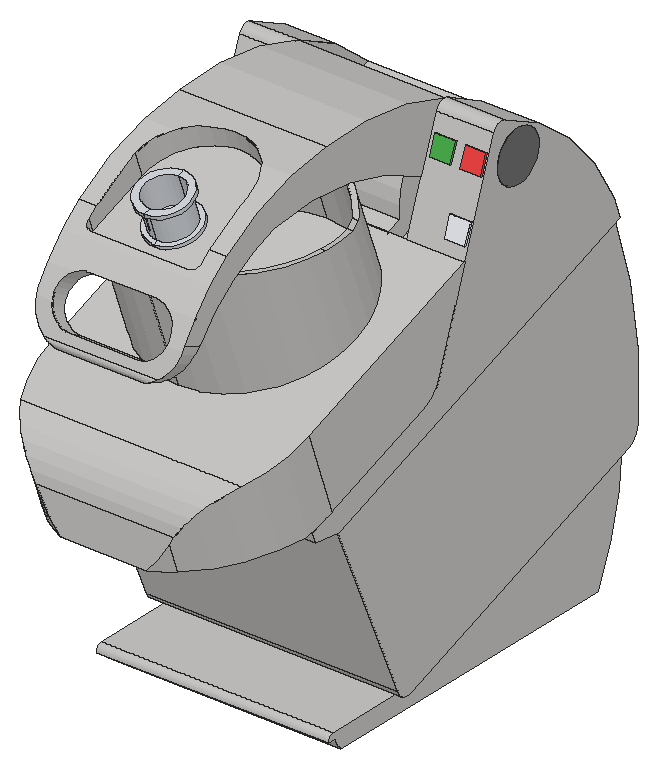
Revit family "QF_ELECTROLUXPROFESSIONAL_600471_TRSY1V6I", category Specialty Equipment, Revit 2018
Family settings
  Round Connector Dimension = Use Diameter
  Part Type = Normal
  Work Plane-Based = No
  Always vertical = Yes
  Cut with Voids When Loaded = No
  Shared = No
  Room Calculation Point = No
Parameters (values of type "Standard")
  Weight = 21.40 kg
  Watts = 0 W
  Volts = 208 V
  URL Manufacturer = "http://professional.electrolux.com"
  URL = "http://professional.electrolux.com"
  Steam Supply Size = 0 mm
  Steam Supply Minimum Pressure = 0.0 Pa
  Steam Supply Maximum Pressure = 0.0 Pa
  Steam Pounds per Hour = 0
  Refrigeration Suction Line Size = 0 mm
  Refrigeration Liquid Line Size = 0 mm
  Refrigerant Compressor Remote = yes
  Manufacturer = "Electrolux Professional"
  Phase = 1
  Model = "TRSY1V6I"
  Length Actual = 252 mm  # constant formula
  Item Number = "600471"
  Hot Water Size = 0 mm
  Height Actual = 515 mm  # constant formula
  HP = "0.7 HP"
  Gas Size = 0 mm
  Gas KW = 0
  Gas Input Pressure = 0 W
  Direct Waste Size = 0 mm
  Description = "VEGETABLE SLICER-1 SPEED-500W-208-230V/1N/60 CB APPROVED, SCHUKO PLUG"
  Depth Actual = 500 mm  # constant formula
  Cycle = 60 Hz
  Condensate Return Size = 0 mm
  Compressed Air Volume = 0.0 L/s
  Compressed Air Size = 0 mm
  Compressed Air Pressure = 0.0 Pa
  Cold Water Size = 0 mm
  Accessory = yes
Reference planes
  plane 1 "Center (Front/Back)": y = 0
  plane 2: z = 0
  plane 3 "Center (Left/Right)": x = 0
  plane 4 "BASE": through (-1506.947, -1354.442, -482.669) normal (0, -0.342, 0.9397)
  plane 5 "TOP": z = 780
  plane 6 "FRONT": y = -250
  plane 7 "BACK": y = 250
  plane 8 "LEFT": x = -126
  plane 9 "RIGHT": x = 126
  plane 10 "BaseSup": through (4267.2, -355.454, 143.983) normal (0, -0.342, 0.9397)
  plane 11 "TopCylinder": z = 502
  plane 12 "panel": through (4267.2, 37.396, 376.789) normal (0, -0.9397, 0.342)
  plane 13 "TAN1": through (4267.2, -242.8, 386.84) normal (0, -0.868, 0.4965)
  plane 14 "cx": x = -4.392
Forms (mm)
  Extrusion 1, solid, material "QF_Finishes_Stainless Steel"
    sketch origin (0, 71.755, 29.173) x (0, 0.939693, 0.34202) y (0, -0.34202, 0.939693)
      loop
        line (194.125, 30) -> (-100, 30) -> (-172.671, 56.45)
        arc (-172.671, 56.45) -> (-177.706, 56.23) -> (-181.11, 52.515) r 6.584
        line (-181.11, 52.515) -> (-172.825, 49.499)
        arc (-172.825, 49.499) -> (-173.282, 42.917) -> (-170.601, 36.887) r 13.662
        line (-170.601, 36.887) -> (125.402, -70.849)
        arc (125.402, -70.849) -> (140.415, -55.659) -> (154.125, -39.282) r 258.806
        arc (154.125, -39.282) -> (176.416, -5.964) -> (194.125, 30) r 303.676
    from -114.1 to 114.1
  Extrusion 2, solid, material "QF_Finishes_Stainless Steel"
    sketch origin (0, 71.755, 29.173) x (0, 0.939693, 0.34202) y (0, -0.34202, 0.939693)
      loop
        arc (-117.754, 231.836) -> (-115.421, 136.806) -> (-106.378, 42.177) r 1344.145
        arc (-106.378, 42.177) -> (-102.811, 33.567) -> (-94.2, 30) r 12.177
        line (-94.2, 30) -> (191.415, 30)
        arc (191.415, 30) -> (200.799, 34.052) -> (207.001, 42.177) r 20.212
        arc (207.001, 42.177) -> (237.263, 134.79) -> (245.906, 231.836) r 430.148
        line (245.906, 231.836) -> (-117.754, 231.836)
    from -123.6 to 123.2
  Extrusion 3, solid, material "QF_Finishes_Stainless Steel"
    sketch origin (0, 71.755, 29.173) x (0, 0.939693, 0.34202) y (0, -0.34202, 0.939693)
      loop
        line (-117.754, 231.836) -> (250, 231.836) -> (250, 254)
        arc (250, 254) -> (225.127, 344.7) -> (167.861, 419.303) r 244.524
        arc (167.861, 419.303) -> (160.498, 421.774) -> (153.587, 418.23) r 10
        line (153.587, 418.23) -> (25.432, 265.5)
        arc (25.432, 265.5) -> (14.376, 257.016) -> (0.77, 254) r 32.194
        line (0.77, 254) -> (-142.678, 254) -> (-142.678, 244) -> (-117.754, 231.836)
    from -125 to 125
  Extrusion 4, void
    sketch origin (0, 71.755, 29.173) x (0, 0.939693, 0.34202) y (0, -0.34202, 0.939693)
      loop
        line (146.605, 338.403) -> (228.145, 338.403)
        arc (228.145, 338.403) -> (202.221, 381.996) -> (167.861, 419.303) r 244.524
        arc (167.861, 419.303) -> (160.498, 421.774) -> (153.587, 418.23) r 10
        line (153.587, 418.23) -> (72.34, 321.403) -> (146.605, 321.403) -> (146.605, 338.403)
    from -76.755 to 68.071
  Extrusion 5, solid, material "QF_Finishes_Stainless Steel"
    sketch origin (0, 71.755, 29.173) x (0, 0.939693, 0.34202) y (0, -0.34202, 0.939693)
      loop
        line (86.605, 338.403) -> (69.605, 321.403) -> (146.605, 321.403) -> (146.605, 338.403) -> (138.179, 338.403) -> (138.179, 369.367)
        arc (138.179, 369.367) -> (147.784, 373.474) -> (158.149, 372.174) r 19.987
        arc (158.149, 372.174) -> (156.791, 382.001) -> (162.888, 389.826) r 12.748
        arc (162.888, 389.826) -> (123.302, 374.774) -> (101.605, 338.403) r 64.447
        line (101.605, 338.403) -> (86.605, 338.403)
    from -65 to 50
  Extrusion 6, solid, material "QF_Finishes_Stainless Steel"
    sketch origin (539, 71.755, 29.173) x (0, -0.939693, -0.34202) y (0, -0.34202, 0.939693)
      loop
        circle (-169.102, 378.696) r 12.748
    from 489 to 604
  Extrusion 7, solid, material "QF_Finishes_Rubber Black"
    sketch origin (0, 71.755, 29.173) x (0, 0.939693, 0.34202) y (0, -0.34202, 0.939693)
      loop
        circle (169.102, 378.696) r 25
    from 125 to 126.6
  Extrusion 8, solid, material "QF_Finishes_Green"
    sketch origin (-10, -113.728, -38.42) x (0, -0.34202, -0.939693) y (1, 0, 0)
      loop
        line (-529.862, 82.865) -> (-509.862, 82.865) -> (-509.862, 102.865) -> (-529.862, 102.865) -> (-529.862, 82.865)
    from 0 to 1.6
  Extrusion 9, solid, material "QF_Finishes_Red"
    sketch origin (20, -113.728, -38.42) x (0, -0.34202, -0.939693) y (1, 0, 0)
      loop
        line (-529.862, 82.865) -> (-509.862, 82.865) -> (-509.862, 102.865) -> (-529.862, 102.865) -> (-529.862, 82.865)
    from 0 to 1.6
  Extrusion 10, solid, material "QF_Finishes_White"
    sketch origin (19.976, -149.421, -75.636) x (0, -0.34202, -0.939693) y (1, 0, 0)
      loop
        line (-521.192, 82.865) -> (-501.192, 82.865) -> (-501.192, 102.865) -> (-521.192, 102.865) -> (-521.192, 82.865)
    from 0 to 1.6
  Extrusion 11, solid, material "QF_Finishes_Rubber Black"
    sketch origin (-20, -306.935, 99.376) x (0, -1, 0) y (1, 0, 0)
      loop
        circle (-230.144, 103.748) r 10
      loop
        circle (-230.144, -61.252) r 10
    from 9.274 to 3.787
  Extrusion 12, void
    sketch origin (-20.94, 306.731, 139.428) x (-1, 0, 0) y (0, -0.34202, 0.939693)
      loop
        circle (-20.94, 196.093) r 10
    from -1.916 to -26.433
  Extrusion 13, solid, material "QF_Finishes_Stainless Steel"
    sketch origin (-20.94, 306.678, 139.573) x (-1, 0, 0) y (0, -0.34202, 0.939693)
      loop
        circle (-20.94, 195.939) r 9.999
    from -8.514 to -26.433
  Extrusion 14, solid, material "QF_Finishes_Stainless Steel"
    sketch origin (0, -15.119, 267.855) x (0, -0.939693, -0.34202) y (1, 0, 0)
      loop
        line (-86.605, -125) -> (117.754, -125)
        arc (117.754, -125) -> (182.577, -108.838) -> (232.224, -64.135) r 138.076
        arc (232.224, -64.135) -> (246.337, -33.516) -> (250, 0) r 104.824
        arc (250, 0) -> (246.337, 33.516) -> (232.224, 64.135) r 104.824
        arc (232.224, 64.135) -> (182.577, 108.838) -> (117.754, 125) r 138.076
        line (117.754, 125) -> (-86.605, 125) -> (-86.605, -125)
    from 0 to 84.403
  Extrusion 15, void
    sketch origin (0, 71.755, 29.173) x (0, 0.939693, 0.34202) y (0, -0.34202, 0.939693)
      loop
        line (-148.177, 254) -> (-243.49, 272.527) -> (-229.509, 307.133)
        arc (-229.509, 307.133) -> (-211.109, 329.855) -> (-183.149, 338.403) r 50
        line (-183.149, 338.403) -> (-263.395, 338.403) -> (-263.395, 254) -> (-148.177, 254)
      loop
        line (86.605, 338.403) -> (25.432, 265.5)
        arc (25.432, 265.5) -> (14.376, 257.016) -> (0.77, 254) r 32.194
        line (0.77, 254) -> (86.605, 254) -> (86.605, 338.403)
    from -156.555 to 144.79
  Extrusion 16, solid, material "QF_Finishes_Rubber Black"
    sketch origin (-20, -28.598, 99.376) x (0, -1, 0) y (1, 0, 0)
      loop
        circle (-230.144, 103.748) r 10
      loop
        circle (-230.144, -61.252) r 10
    from 9.274 to 3.787
  Extrusion 17, solid, material "QF_Finishes_Stainless Steel"
    sketch origin (0, 0, 0) x (0, 1, 0) y (0, 0, 1)
      loop
        arc (-237.987, 360.286) -> (-193.334, 422.101) -> (-125.907, 457.716) r 167.502
        arc (-125.907, 457.716) -> (-32.614, 457.202) -> (54.785, 424.565) r 266.494
        line (54.785, 424.565) -> (73.036, 474.711)
        arc (73.036, 474.711) -> (77.269, 479.853) -> (83.792, 481.198) r 10
        arc (83.792, 481.198) -> (12.917, 500.705) -> (-60.594, 500.999) r 278.64
        arc (-60.594, 500.999) -> (-125.023, 488.463) -> (-183.511, 458.675) r 236.13
        arc (-183.511, 458.675) -> (-222.818, 420.732) -> (-248.457, 372.49) r 174.407
        arc (-248.457, 372.49) -> (-249.83, 368.135) -> (-247.05, 364.513) r 4.945
        line (-247.05, 364.513) -> (-237.987, 360.286)
    from -76.755 to 68.071
  Extrusion 18, void
    sketch origin (0, -252.846, 369.279) x (0, -0.496521, -0.868025) y (1, 0, 0)
      loop
        line (-13.723, -36.755) -> (-13.723, 28.071)
        arc (-13.723, 28.071) -> (-38.723, 53.071) -> (-63.723, 28.071) r 25
        line (-63.723, 28.071) -> (-63.723, -36.755)
        arc (-63.723, -36.755) -> (-38.723, -61.755) -> (-13.723, -36.755) r 25
    from -148.493 to 7.125
  Extrusion 19, void
    sketch origin (0, -88.076, 32.057) x (0, -0.34202, -0.939693) y (1, 0, 0)
      loop
        line (-257.162, 68.071) -> (-297.162, 68.071)
        arc (-297.162, 68.071) -> (-268.878, 56.356) -> (-257.162, 28.071) r 40
        line (-257.162, 28.071) -> (-257.162, 68.071)
      loop
        line (-257.162, -76.755) -> (-257.162, -36.755)
        arc (-257.162, -36.755) -> (-268.878, -65.039) -> (-297.162, -76.755) r 40
        line (-297.162, -76.755) -> (-257.162, -76.755)
    from 233.374 to 280.473
  Extrusion 20, void
    sketch origin (0, -73.76, 246.511) x (0, -0.939693, -0.34202) y (1, 0, 0)
      loop
        spline (50.415, 43.499) -> (50.302, 44.538) -> (50.07, 45.551) -> (49.722, 46.523) -> (49.265, 47.436) -> (48.705, 48.278) -> (48.053, 49.034) -> (47.317, 49.692) -> (46.511, 50.241) -> (45.647, 50.674) -> (44.738, 50.981) -> (43.801, 51.16) -> (42.848, 51.221)
        line (42.848, 51.221) -> (-21.826, 51.221)
        arc (-21.826, 51.221) -> (-77.476, -4.429) -> (-21.826, -60.078) r 55.65
        line (-21.826, -60.078) -> (42.849, -60.064)
        spline (42.849, -60.064) -> (43.796, -60.017) -> (44.73, -59.836) -> (45.637, -59.525) -> (46.5, -59.088) -> (47.306, -58.532) -> (48.042, -57.867) -> (48.695, -57.103) -> (49.256, -56.253) -> (49.715, -55.331) -> (50.065, -54.351) -> (50.3, -53.329) -> (50.415, -52.283)
        line (50.415, -52.283) -> (50.415, 43.499)
    from 219.928 to 259.975
  Extrusion 21, void
    sketch origin (0, -87.856, 241.381) x (0, -0.939693, -0.34202) y (1, 0, 0)
      loop
        circle (-4.976, -4.429) r 22.5
    from 184.171 to 259.975
  Extrusion 22, solid, material "QF_Finishes_Stainless Steel"
    sketch origin (0, -57.13, 252.564) x (0, -0.939693, -0.34202) y (1, 0, 0)
      loop
        circle (-27.476, -4.429) r 100
      loop
        circle (-27.476, -4.429) r 95
    from 84.403 to 219.928
  Extrusion 23, void
    sketch origin (539, 0, 0) x (0, -1, 0) y (0, 0, 1)
      loop
        line (-7.229, 448.453) -> (38.883, 431.669) -> (53.883, 431.669) -> (97.232, 435.738) -> (172.232, 435.738) -> (200.5, 434.424) -> (12.562, 502.828) -> (-7.229, 448.453)
    from 424.9 to 664
  Revolve 24, solid
    sketch origin (-4.392, 0, 0) x (0, 1, 0) y (0, 0, 1)
      loop
        line (-159.523, 452.833) -> (-177.266, 446.376) -> (-188.766, 477.973) -> (-195.199, 475.631) -> (-193.959, 472.225) -> (-189.261, 473.935) -> (-179, 445.744) -> (-183.698, 444.034) -> (-182.575, 440.948) -> (-179.543, 442.052) -> (-133.191, 314.7) -> (-112.048, 322.396) -> (-159.523, 452.833)
      axis (-112.048, 322.396) -> (-171.023, 484.431)
    angle from 0 to 360
  Extrusion 25, solid, material "QF_Door-Drawer Clearances", detail levels coarse
    sketch origin (0, -259.129, 728.467) x (0, -0.462376, -0.886684) y (0, 0.886684, -0.462376)
      loop
        arc (-237.987, 360.286) -> (-193.334, 422.101) -> (-125.907, 457.716) r 167.502
        arc (-125.907, 457.716) -> (-32.614, 457.202) -> (54.785, 424.565) r 266.494
        line (54.785, 424.565) -> (59.562, 427.056)
        arc (59.562, 427.056) -> (59.025, 458.234) -> (62.46, 489.226) r 244.524
        arc (62.46, 489.226) -> (1.594, 502.023) -> (-60.594, 500.999) r 278.64
        arc (-60.594, 500.999) -> (-125.023, 488.463) -> (-183.511, 458.675) r 236.13
        arc (-183.511, 458.675) -> (-222.818, 420.732) -> (-248.457, 372.49) r 174.407
        arc (-248.457, 372.49) -> (-249.83, 368.135) -> (-247.05, 364.513) r 4.945
        line (-247.05, 364.513) -> (-237.987, 360.286)
    from -76.755 to 68.071
  Extrusion 26, solid, material "QF_Door-Drawer Clearances", detail levels coarse
    sketch origin (-4.392, 0, 0) x (0, 1, 0) y (0, 0, 1)
      loop
        arc (180.062, 780.324) -> (-149.234, 694.151) -> (-249.905, 368.994) r 350.321
        line (-249.905, 368.994) -> (-246.546, 377.767)
        arc (-246.546, 377.767) -> (-144.345, 691.9) -> (174.993, 776.44) r 345.321
        line (174.993, 776.44) -> (180.062, 780.324)
    from -60 to 60
Cuts and joins
  Extrusion 4, Extrusion 19, Extrusion 20, Extrusion 21 cuts Extrusion 3
  Extrusion 15, Extrusion 19, Extrusion 20, Extrusion 21 cuts Extrusion 14
  Extrusion 18, Extrusion 19, Extrusion 20, Extrusion 21 cuts Extrusion 17
  Extrusion 12, Extrusion 20, Extrusion 21 cuts Extrusion 2
  Extrusion 23 cuts Extrusion 22
Lines and regions (mm)
  model lines
    curve 1: line (-65, 80.335, 302.597) -> (50, 80.335, 302.597)
    curve 2: line (-65, 83.13, 303.615) -> (50, 83.13, 303.615)
Dimensions and locks
  plane 5 "TOP" to level = 780 mm
  plane 8 "LEFT" to plane 3 "Center (Left/Right)" to plane 9 "RIGHT" = 126 mm, 126 mm
  plane 7 "BACK" to plane 1 "Center (Front/Back)" to plane 6 "FRONT" = 250 mm, 250 mm
  plane 5 "TOP" to plane 2 = 780 mm
  plane 5 "TOP" to plane 11 "TopCylinder" = 278 mm
  plane 6 "FRONT" to plane 7 "BACK" = 500 mm
  plane 7 "BACK" to plane 6 "FRONT" = 500 mm
  plane 11 "TopCylinder" to level = 502 mm
  aligned and locked: level to plane 2
Connectors
  electrical at (0, 231.662, 320.783), driven by "Volts"
    settings: on Extrusion 13, index 1, voltage 208 V, apparent load 0 VA, apparent load phase1 0 VA, apparent load phase2 0 VA, apparent load phase3 0 VA, power factor 1, load classification "Other", number of poles 1, system type 30, power factor state 1, is connector primary yes, connector utility no, sub classification motor no, connector description "Electrical Connection"
